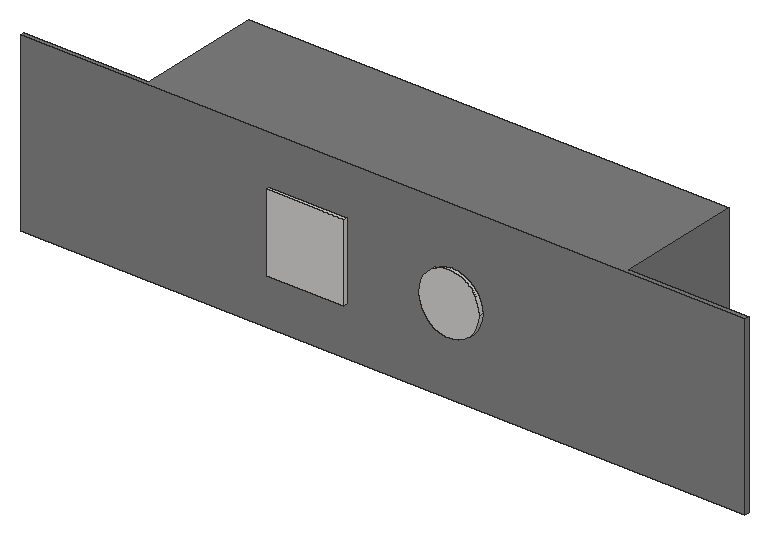
Revit family "2100", category Generic Models, Revit 2021
Family settings
  Can host rebar = No
  Round Connector Dimension = Use Diameter
  Part Type = Normal
  Work Plane-Based = No
  Always vertical = Yes
  Cut with Voids When Loaded = No
  Shared = No
  Room Calculation Point = No
Parameters
  e-mail = "info@vola.com"
  URL = "http://vola.com"
  Telephone = "+45 7023 5500"
  Quality management standard = "ISO 9001"
  Organisation no. / DUNS no. = "17531328"
  Occupational health and safety management standard = "ISO 18001"
  Mounting Instructions = "http://vola.com/service/producturl.ashx?name=2100"
  Model = "2100"
  Materials and components information = "http://vola.com/service/producturl.ashx?name=2100"
  Manufacturer = "VOLA A/S"
  Maintenance Instructions = "http://vola.com/service/producturl.ashx?name=2100"
  Guarantee = "2 years"
  Flow = "25,00 l/min"
  Environmental management standard = "ISO 14000"
  Default Elevation = 0.00 mm
  Connection - All relevant connections = ""
  Approvals = "http://vola.com/service/producturl.ashx?name=2100"
Reference planes
  plane 1 "Center (Front/Back)": y = 0
  plane 2: z = 0
  plane 3 "Center (Left/Right)": x = 0
  plane 4: z = 70
  plane 5: y = -72.5
  plane 6: y = -25
Forms (mm)
  Extrusion 1, solid, material "Stainless Steel"
    sketch origin (0, 0, 1) x (1, 0, 0) y (0, 0, 1)
      loop
        circle (39, 69) r 16.5
    from 70.5 to 72.5
  Extrusion 2, solid, material "Stainless Steel"
    sketch origin (1032.5, -2.5, 1) x (-1, 0, 0) y (0, 0, -1)
      loop
        line (1092.5, -90) -> (1092.5, -48) -> (1050.5, -48) -> (1050.5, -90) -> (1092.5, -90)
    from 68 to 70
  Extrusion 3, solid, material "Default"
    sketch origin (0, 0, 1) x (1, 0, 0) y (0, 1, 0)
      loop
        line (-127.5, 0) -> (-127.5, -68) -> (132.5, -68) -> (132.5, 0) -> (-127.5, 0)
    from 21.5 to 116.5
  Extrusion 4, solid, material "Stainless Steel"
    sketch origin (0, 0, 22.5) x (0, 1, 0) y (1, 0, 0)
      loop
        circle (-25, -12) r 14
    from 0 to 22.5
  Extrusion 5, solid, material "Stainless Steel"
    sketch origin (-54, 0, 22.5) x (0, 1, 0) y (1, 0, 0)
      loop
        circle (-25, -12) r 14
    from 0 to 22.5
  Extrusion 6, solid, material "Default"
    sketch origin (0, 0, 0) x (1, 0, 0) y (0, 1, 0)
      loop
        line (-195, -68) -> (-195, -70.5) -> (197.5, -70.5) -> (197.5, -68) -> (-195, -68)
    from 22.5 to 117.5
Cuts and joins
  joined: Extrusion 3, Extrusion 6
Lines and regions (mm)
  reference lines
    curve 1: line (-39, -25, 70) -> (-39, -122.5, 70)
    curve 2: line (39, -25, 70) -> (39, -122.5, 70)
    curve 3: line (-66, -25, 70) -> (-66, -25, -29)
    curve 4: line (-12, -25, 70) -> (-12, -25, -29)
Dimensions and locks
  aligned and locked: plane 2 to level
  aligned and locked: Extrusion 3 to Extrusion 6
  aligned and locked: Extrusion 6 to Extrusion 3
